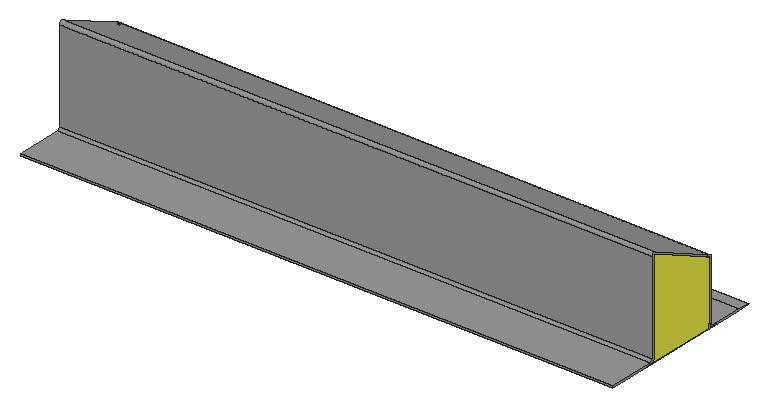
Revit family "SK 150", category Generic Models, Revit 2014
Parameters (values of type "Max lintel length 4800mm")
  URL = "http://keystonelintels.com/"
  Structural Opening [instance] = 900 mm
  Structural Performance = "The keystone lintel range has safe working loads as detailed in each applicable loading table in the Keystone Lintel Guide brochure. The structural performance figures within each table have been ascertained by testing in accordance with the requirements of standards BS EN 5977-2: 1983 and BS EN 845-2: 2003."
  RIBA Productor Selector = "available for Keystone Lintels Ltd from Keystone Lintels Ltd from ribaproductselector.com"
  Model = "S/K 150"
  Min Length = 600 mm
  Min Clear Span = 300 mm
  Max Length = 4800 mm
  Max Clear Span = 4800 mm
  Material - Stainless Steel = "Grade 304 2b 1.4307 to BS EN 10088-2. Other grades available on request: contact manufacturer."
  Material - Galvanised Steel = "To BS EN 10346: 2009. DX51D plus Z600 or grade Z275 to BS 5977-2: 1983 (BS EN 845-2: 2003)."
  Manufacturer = "Keystone"
  Manufactured Length [instance] = (roundup(Effective Length / 150 mm) * 150 mm)  # 1200 mm
  Lintel height [instance] = 2100 mm
  Keynote = "F30/755"
  Fire Performance = "Keystone lintels have been subjected to a fire test (WARRES No. 101263) in accordance with BS 476-20: 1987, at Exova Warrington Fire and achieved a one hour fire performance."
  End Bearing = 150 mm
  Effective Length [instance] = Clear Opening with MIN MAX set + End Bearing * 2  # 1200 mm
  Corrosion = "Keystone’s standard range of lintels are manufactured from high quality grade pre-galvanized carbon steel with a zinc coating of 600"
  Contact Tel = "028 86 762184"
  Contact Email = "info@keystonelintels.co.uk"
  Clear Opening with MIN MAX set [instance] = if(Structural Opening < Min Clear Span, Min Clear Span, (if(Structural Opening > Max Clear Span, Max Clear Span, Structural Opening)))  # 900 mm
  CPD Information = "Available for Keystone Lintels Ltd from ribacpd.com"
Reference planes
  plane 1 "Center (Front/Back)": y = 0
  plane 2: z = 0
  plane 3 "Center (Left/Right)": x = 0
  plane 4: x = -600
  plane 5: x = 600
  plane 6: z = 2100
  plane 7: x = -450
  plane 8: x = 450
Forms (mm)
  Extrusion 1, solid, not visible
    sketch origin (0, 955.605, 1226.138) x (0, 1, 0) y (0, 0, 1)
      loop
        line (-580.486, 1006.446) -> (-645.486, 1006.446)
        arc (-645.486, 1006.446) -> (-649.022, 1007.91) -> (-650.486, 1011.446) r 5
        line (-650.486, 1011.446) -> (-650.486, 1114.808)
        arc (-650.486, 1114.808) -> (-650.976, 1117.011) -> (-652.353, 1118.799) r 5.2
        line (-652.353, 1118.799) -> (-769.953, 1217.027)
        arc (-769.953, 1217.027) -> (-775.489, 1217.747) -> (-778.486, 1213.037) r 5.2
        line (-778.486, 1213.037) -> (-778.486, 1011.446)
        arc (-778.486, 1011.446) -> (-779.951, 1007.91) -> (-783.486, 1006.446) r 5
        line (-783.486, 1006.446) -> (-878.486, 1006.446) -> (-878.486, 1003.246) -> (-783.486, 1003.246)
        arc (-783.486, 1003.246) -> (-777.688, 1005.647) -> (-775.286, 1011.446) r 8.2
        line (-775.286, 1011.446) -> (-775.286, 1213.037)
        arc (-775.286, 1213.037) -> (-774.133, 1214.848) -> (-772.004, 1214.572) r 2
        line (-772.004, 1214.572) -> (-654.404, 1116.343)
        arc (-654.404, 1116.343) -> (-653.875, 1115.655) -> (-653.686, 1114.808) r 2
        line (-653.686, 1114.808) -> (-653.686, 1011.446)
        arc (-653.686, 1011.446) -> (-651.284, 1005.647) -> (-645.486, 1003.246) r 8.2
        line (-645.486, 1003.246) -> (-580.544, 1003.246) -> (-555.602, 1002.34) -> (-555.486, 1005.538) -> (-580.486, 1006.446)
    from 0 to 250
  Extrusion 2, solid, not visible
    sketch origin (0, 1187.937, 1003.539) x (0, 1, 0) y (0, 0, 1)
      loop
        line (-636.996, 1003.246) -> (-651.527, 1003.246) -> (-653.996, 1003.246) -> (-653.996, 1011.246) -> (-654.996, 1011.246) -> (-654.996, 1003.246) -> (-792.027, 1003.246) -> (-792.027, 1002.246) -> (-636.996, 1002.246) -> (-636.996, 1003.246)
    from 0 to 250
  Extrusion 3, solid, not visible
    sketch origin (0, 998.322, 818.796) x (0, 1, 0) y (0, 0, 1)
      loop
        arc (-645.486, 1003.246) -> (-651.284, 1005.647) -> (-653.686, 1011.446) r 8.2
        line (-653.686, 1011.446) -> (-653.686, 1114.808)
        arc (-653.686, 1114.808) -> (-653.875, 1115.655) -> (-654.404, 1116.343) r 2
        line (-654.404, 1116.343) -> (-772.004, 1214.572)
        arc (-772.004, 1214.572) -> (-774.133, 1214.848) -> (-775.286, 1213.037) r 2
        line (-775.286, 1213.037) -> (-775.286, 1011.446)
        arc (-775.286, 1011.446) -> (-777.688, 1005.647) -> (-783.486, 1003.246) r 8.2
        line (-783.486, 1003.246) -> (-654.996, 1003.246) -> (-654.996, 1011.246) -> (-653.996, 1011.246) -> (-653.996, 1003.246) -> (-651.527, 1003.246) -> (-645.486, 1003.246)
    from 0 to 250
  Extrusion 4, solid, material "Steel"
    sketch origin (0, 713.644, -511.252) x (0, 1, 0) y (0, 0, 1)
      loop
        line (-545.482, 2613.564) -> (-570.491, 2614.452) -> (-635.491, 2614.452)
        arc (-635.491, 2614.452) -> (-639.026, 2615.916) -> (-640.491, 2619.452) r 5
        line (-640.491, 2619.452) -> (-640.491, 2740.765)
        arc (-640.491, 2740.765) -> (-641.304, 2743.558) -> (-643.49, 2745.477) r 5.2
        line (-643.49, 2745.477) -> (-781.09, 2809.742)
        arc (-781.09, 2809.742) -> (-786.083, 2809.417) -> (-788.491, 2805.031) r 5.2
        line (-788.491, 2805.031) -> (-788.491, 2619.452)
        arc (-788.491, 2619.452) -> (-789.955, 2615.916) -> (-793.491, 2614.452) r 5
        line (-793.491, 2614.452) -> (-888.491, 2614.452) -> (-888.491, 2611.252) -> (-793.491, 2611.252)
        arc (-793.491, 2611.252) -> (-787.692, 2613.653) -> (-785.291, 2619.452) r 8.2
        line (-785.291, 2619.452) -> (-785.291, 2805.031)
        arc (-785.291, 2805.031) -> (-784.365, 2806.718) -> (-782.444, 2806.843) r 2
        line (-782.444, 2806.843) -> (-644.844, 2742.577)
        arc (-644.844, 2742.577) -> (-644.003, 2741.839) -> (-643.691, 2740.765) r 2
        line (-643.691, 2740.765) -> (-643.691, 2619.452)
        arc (-643.691, 2619.452) -> (-641.289, 2613.653) -> (-635.491, 2611.252) r 8.2
        line (-635.491, 2611.252) -> (-570.547, 2611.252) -> (-545.595, 2610.366) -> (-545.482, 2613.564)
    from -600 to 600
  Extrusion 5, solid, material "Insulation"
    sketch origin (0, 713.644, -511.252) x (0, 1, 0) y (0, 0, 1)
      loop
        arc (-635.491, 2611.252) -> (-641.289, 2613.653) -> (-643.691, 2619.452) r 8.2
        line (-643.691, 2619.452) -> (-643.691, 2740.765)
        arc (-643.691, 2740.765) -> (-644.003, 2741.839) -> (-644.844, 2742.577) r 2
        line (-644.844, 2742.577) -> (-782.444, 2806.843)
        arc (-782.444, 2806.843) -> (-784.365, 2806.718) -> (-785.291, 2805.031) r 2
        line (-785.291, 2805.031) -> (-785.291, 2619.452)
        arc (-785.291, 2619.452) -> (-787.692, 2613.653) -> (-793.491, 2611.252) r 8.2
        line (-793.491, 2611.252) -> (-644.691, 2611.252) -> (-644.691, 2619.252) -> (-643.691, 2619.252) -> (-643.691, 2611.252) -> (-635.491, 2611.252)
    from -600 to 600
  Extrusion 6, solid, material "Steel"
    sketch origin (0, 713.644, -511.252) x (0, 1, 0) y (0, 0, 1)
      loop
        line (-626.691, 2611.252) -> (-643.691, 2611.252) -> (-643.691, 2619.252) -> (-644.691, 2619.252) -> (-644.691, 2611.252) -> (-801.691, 2611.252) -> (-801.691, 2610.252) -> (-626.691, 2610.252) -> (-626.691, 2611.252)
    from -600 to 600
  Extrusion 7, solid, not visible
    sketch origin (0, 1000.491, 1259.654) x (0, 1, 0) y (0, 0, 1)
      loop
        line (-545.482, 1013.564) -> (-570.491, 1014.452) -> (-635.491, 1014.452)
        arc (-635.491, 1014.452) -> (-639.026, 1015.916) -> (-640.491, 1019.452) r 5
        line (-640.491, 1019.452) -> (-640.491, 1140.765)
        arc (-640.491, 1140.765) -> (-641.304, 1143.558) -> (-643.49, 1145.477) r 5.2
        line (-643.49, 1145.477) -> (-781.09, 1209.742)
        arc (-781.09, 1209.742) -> (-786.083, 1209.417) -> (-788.491, 1205.031) r 5.2
        line (-788.491, 1205.031) -> (-788.491, 1019.452)
        arc (-788.491, 1019.452) -> (-789.955, 1015.916) -> (-793.491, 1014.452) r 5
        line (-793.491, 1014.452) -> (-888.491, 1014.452) -> (-888.491, 1011.252) -> (-793.491, 1011.252)
        arc (-793.491, 1011.252) -> (-787.692, 1013.653) -> (-785.291, 1019.452) r 8.2
        line (-785.291, 1019.452) -> (-785.291, 1205.031)
        arc (-785.291, 1205.031) -> (-784.365, 1206.718) -> (-782.444, 1206.843) r 2
        line (-782.444, 1206.843) -> (-644.844, 1142.577)
        arc (-644.844, 1142.577) -> (-644.003, 1141.839) -> (-643.691, 1140.765) r 2
        line (-643.691, 1140.765) -> (-643.691, 1019.452)
        arc (-643.691, 1019.452) -> (-641.289, 1013.653) -> (-635.491, 1011.252) r 8.2
        line (-635.491, 1011.252) -> (-570.547, 1011.252) -> (-545.595, 1010.366) -> (-545.482, 1013.564)
    from 0 to 250
  Extrusion 8, solid, not visible
    sketch origin (0, 920.505, 708.21) x (0, 1, 0) y (0, 0, 1)
      loop
        arc (-635.491, 1011.252) -> (-641.289, 1013.653) -> (-643.691, 1019.452) r 8.2
        line (-643.691, 1019.452) -> (-643.691, 1140.765)
        arc (-643.691, 1140.765) -> (-644.003, 1141.839) -> (-644.844, 1142.577) r 2
        line (-644.844, 1142.577) -> (-782.444, 1206.843)
        arc (-782.444, 1206.843) -> (-784.365, 1206.718) -> (-785.291, 1205.031) r 2
        line (-785.291, 1205.031) -> (-785.291, 1019.452)
        arc (-785.291, 1019.452) -> (-787.692, 1013.653) -> (-793.491, 1011.252) r 8.2
        line (-793.491, 1011.252) -> (-644.691, 1011.252) -> (-644.691, 1019.252) -> (-643.691, 1019.252) -> (-643.691, 1011.252) -> (-635.491, 1011.252)
    from 0 to 250
  Extrusion 9, solid, not visible
    sketch origin (0, 534.718, 972.863) x (0, 1, 0) y (0, 0, 1)
      loop
        line (-626.691, 1011.252) -> (-643.691, 1011.252) -> (-643.691, 1019.252) -> (-644.691, 1019.252) -> (-644.691, 1011.252) -> (-801.691, 1011.252) -> (-801.691, 1010.252) -> (-626.691, 1010.252) -> (-626.691, 1011.252)
    from 0 to 250
Dimensions and locks
  equal spacing: plane 4, plane 3 "Center (Left/Right)", plane 5
  "Manufactured Length": plane 4 to plane 5
  "Lintel height": plane 6 to level
  "Structural Opening": plane 7 to plane 8
  equal spacing: plane 7, plane 3 "Center (Left/Right)", plane 8
  aligned and locked: level to plane 2
  aligned and locked: Extrusion 4 to plane 6
  aligned and locked: Extrusion 5 to plane 6
  aligned and locked: plane 6 to Extrusion 6
  aligned and locked: plane 5 to Extrusion 4
  aligned and locked: Extrusion 4 to plane 4
  aligned and locked: Extrusion 5 to plane 4
  aligned and locked: plane 5 to Extrusion 5
  aligned and locked: plane 5 to Extrusion 6
  aligned and locked: Extrusion 6 to plane 4
Automatic sketch dimensions
  Extrusion 1 sketch curve to Extrusion 1 sketch curve = 65 mm
  Extrusion 1 sketch curve to Extrusion 1 sketch curve = 25 mm
  Extrusion 1 sketch curve to Extrusion 1 sketch curve = 0.908 mm
  Extrusion 1 sketch curve to Extrusion 1 sketch curve = 0.116 mm
  Extrusion 1 sketch curve to Extrusion 1 sketch curve = 0.058 mm
  Extrusion 1 sketch curve to Extrusion 1 sketch curve = 5 mm  (x2)
  Extrusion 1 sketch curve to Extrusion 1 sketch curve = 0 mm  (x15)
  Extrusion 1 sketch curve to Extrusion 1 sketch curve = 103.362 mm
  Extrusion 1 sketch curve to Extrusion 1 sketch curve = 2 mm
  Extrusion 1 sketch curve to Extrusion 1 sketch curve = 0.718 mm
  Extrusion 1 sketch curve to Extrusion 1 sketch curve = 2.051 mm  (x2)
  Extrusion 1 sketch curve to Extrusion 1 sketch curve = 117.6 mm
  Extrusion 1 sketch curve to Extrusion 1 sketch curve = 98.229 mm
  Extrusion 1 sketch curve to Extrusion 1 sketch curve = 2.456 mm
  Extrusion 1 sketch curve to Extrusion 1 sketch curve = 1.282 mm
  Extrusion 1 sketch curve to Extrusion 1 sketch curve = 1.535 mm
  Extrusion 1 sketch curve to Extrusion 1 sketch curve = 95 mm
  Extrusion 2 sketch curve to Extrusion 2 sketch curve = 2.469 mm
  Extrusion 2 sketch curve to Extrusion 2 sketch curve = 14.531 mm
  Extrusion 2 sketch curve to Extrusion 2 sketch curve = 8 mm
  Extrusion 2 sketch curve to Extrusion 2 sketch curve = 1 mm  (x2)
  Extrusion 2 sketch curve to Extrusion 2 sketch curve = 0 mm
  Extrusion 2 sketch curve to Extrusion 2 sketch curve = 137.031 mm
  Extrusion 3 sketch curve to Extrusion 3 sketch curve = 2 mm
  Extrusion 3 sketch curve to Extrusion 3 sketch curve = 1.282 mm  (x2)
  Extrusion 3 sketch curve to Extrusion 3 sketch curve = 117.6 mm
  Extrusion 3 sketch curve to Extrusion 3 sketch curve = 0.69 mm
  Extrusion 3 sketch curve to Extrusion 3 sketch curve = 1 mm
  Extrusion 3 sketch curve to Extrusion 3 sketch curve = 0.31 mm
  Extrusion 3 sketch curve to Extrusion 3 sketch curve = 2.469 mm
  Extrusion 3 sketch curve to Extrusion 3 sketch curve = 6.041 mm
  Extrusion 3 sketch curve to Extrusion 3 sketch curve = 0 mm
  Extrusion 3 sketch curve to Extrusion 3 sketch curve = 0.2 mm
  Extrusion 3 sketch curve to Extrusion 3 sketch curve = 8.2 mm
  Extrusion 3 sketch curve to Extrusion 3 sketch curve = 103.362 mm
  Extrusion 3 sketch curve to Extrusion 3 sketch curve = 98.229 mm
  Extrusion 4 sketch curve to Extrusion 4 sketch curve = 65 mm
  Extrusion 4 sketch curve to Extrusion 4 sketch curve = 25.009 mm
  Extrusion 4 sketch curve to Extrusion 4 sketch curve = 0.887 mm
  Extrusion 4 sketch curve to Extrusion 4 sketch curve = 5 mm  (x2)
  Extrusion 4 sketch curve to Extrusion 4 sketch curve = 121.314 mm
  Extrusion 4 sketch curve to Extrusion 4 sketch curve = 3.2 mm
  Extrusion 4 sketch curve to Extrusion 4 sketch curve = 0.057 mm
  Extrusion 4 sketch curve to Extrusion 4 sketch curve = 0.113 mm
  Extrusion 4 sketch curve to Extrusion 4 sketch curve = 3.198 mm
  Extrusion 4 sketch curve to Extrusion 4 sketch curve = 2 mm
  Extrusion 4 sketch curve to Extrusion 4 sketch curve = 0.846 mm  (x2)
  Extrusion 4 sketch curve to Extrusion 4 sketch curve = 1.354 mm  (x2)
  Extrusion 4 sketch curve to Extrusion 4 sketch curve = 137.6 mm
  Extrusion 4 sketch curve to Extrusion 4 sketch curve = 64.265 mm
  Extrusion 4 sketch curve to Extrusion 4 sketch curve = 2.899 mm
  Extrusion 4 sketch curve to Extrusion 4 sketch curve = 1.812 mm
  Extrusion 4 sketch curve to Extrusion 4 sketch curve = 0 mm  (x17)
  Extrusion 4 sketch curve to Extrusion 4 sketch curve = 95 mm
  Extrusion 5 sketch curve to Extrusion 5 sketch curve = 8.2 mm
  Extrusion 5 sketch curve to Extrusion 5 sketch curve = 2 mm
  Extrusion 5 sketch curve to Extrusion 5 sketch curve = 0.846 mm  (x2)
  Extrusion 5 sketch curve to Extrusion 5 sketch curve = 137.6 mm
  Extrusion 5 sketch curve to Extrusion 5 sketch curve = 1 mm  (x3)
  Extrusion 5 sketch curve to Extrusion 5 sketch curve = 0 mm
  Extrusion 5 sketch curve to Extrusion 5 sketch curve = 0.2 mm
  Extrusion 5 sketch curve to Extrusion 5 sketch curve = 121.314 mm
  Extrusion 5 sketch curve to Extrusion 5 sketch curve = 64.265 mm
  Extrusion 5 sketch curve to Extrusion 5 sketch curve = 0.002 mm
  Extrusion 6 sketch curve to Extrusion 6 sketch curve = 17 mm
  Extrusion 6 sketch curve to Extrusion 6 sketch curve = 8 mm
  Extrusion 6 sketch curve to Extrusion 6 sketch curve = 1 mm  (x2)
  Extrusion 6 sketch curve to Extrusion 6 sketch curve = 0 mm
  Extrusion 6 sketch curve to Extrusion 6 sketch curve = 157 mm
  Extrusion 7 sketch curve to Extrusion 7 sketch curve = 65 mm
  Extrusion 7 sketch curve to Extrusion 7 sketch curve = 25.009 mm
  Extrusion 7 sketch curve to Extrusion 7 sketch curve = 0.887 mm
  Extrusion 7 sketch curve to Extrusion 7 sketch curve = 5 mm  (x2)
  Extrusion 7 sketch curve to Extrusion 7 sketch curve = 121.314 mm
  Extrusion 7 sketch curve to Extrusion 7 sketch curve = 0 mm  (x17)
  Extrusion 7 sketch curve to Extrusion 7 sketch curve = 3.2 mm
  Extrusion 7 sketch curve to Extrusion 7 sketch curve = 0.057 mm
  Extrusion 7 sketch curve to Extrusion 7 sketch curve = 0.113 mm
  Extrusion 7 sketch curve to Extrusion 7 sketch curve = 3.198 mm
  Extrusion 7 sketch curve to Extrusion 7 sketch curve = 2 mm
  Extrusion 7 sketch curve to Extrusion 7 sketch curve = 0.846 mm  (x2)
  Extrusion 7 sketch curve to Extrusion 7 sketch curve = 1.354 mm  (x2)
  Extrusion 7 sketch curve to Extrusion 7 sketch curve = 137.6 mm
  Extrusion 7 sketch curve to Extrusion 7 sketch curve = 64.265 mm
  Extrusion 7 sketch curve to Extrusion 7 sketch curve = 2.899 mm
  Extrusion 7 sketch curve to Extrusion 7 sketch curve = 1.812 mm
  Extrusion 7 sketch curve to Extrusion 7 sketch curve = 95 mm
  Extrusion 8 sketch curve to Extrusion 8 sketch curve = 8.2 mm
  Extrusion 8 sketch curve to Extrusion 8 sketch curve = 2 mm
  Extrusion 8 sketch curve to Extrusion 8 sketch curve = 0.846 mm  (x2)
  Extrusion 8 sketch curve to Extrusion 8 sketch curve = 137.6 mm
  Extrusion 8 sketch curve to Extrusion 8 sketch curve = 1 mm  (x3)
  Extrusion 8 sketch curve to Extrusion 8 sketch curve = 0 mm
  Extrusion 8 sketch curve to Extrusion 8 sketch curve = 0.2 mm
  Extrusion 8 sketch curve to Extrusion 8 sketch curve = 121.314 mm
  Extrusion 8 sketch curve to Extrusion 8 sketch curve = 64.265 mm
  Extrusion 8 sketch curve to Extrusion 8 sketch curve = 0.002 mm
  Extrusion 9 sketch curve to Extrusion 9 sketch curve = 17 mm
  Extrusion 9 sketch curve to Extrusion 9 sketch curve = 8 mm
  Extrusion 9 sketch curve to Extrusion 9 sketch curve = 1 mm  (x2)
  Extrusion 9 sketch curve to Extrusion 9 sketch curve = 0 mm
  Extrusion 9 sketch curve to Extrusion 9 sketch curve = 157 mm
  Extrusion 5 sketch curve to plane 6 = 0 mm
  plane 1 "Center (Front/Back)" to Extrusion 5 sketch curve = 79.846 mm
  Extrusion 4 sketch curve to plane 6 = 0 mm
  plane 1 "Center (Front/Back)" to Extrusion 4 sketch curve = 174.846 mm
  Extrusion 6 sketch curve to plane 6 = 0 mm
  plane 1 "Center (Front/Back)" to Extrusion 6 sketch curve = 88.046 mm
